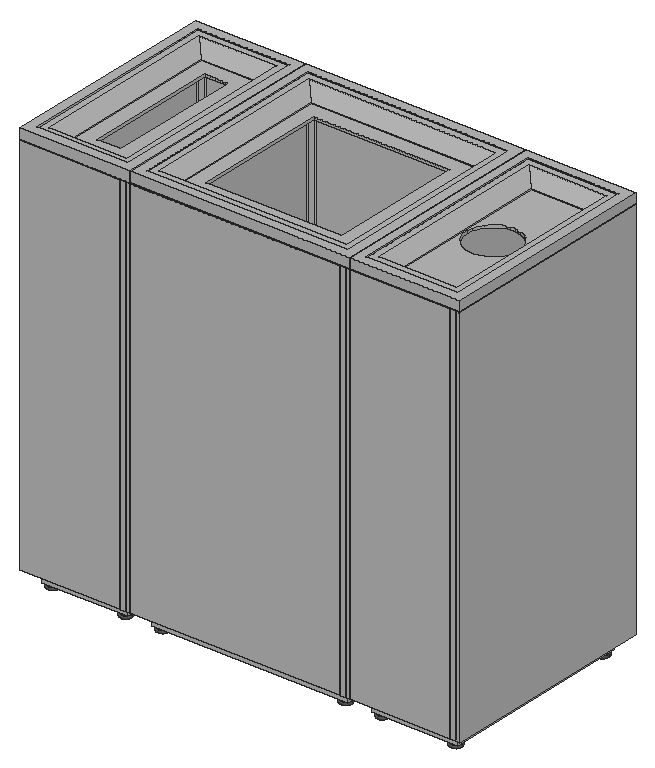
Revit family "REVIT-MG-1060-Valuta-", category Furniture, Revit 2016
Family settings
  OmniClass Number = 23.40.20.00
  OmniClass Title = General Furniture and Specialties
  Work Plane-Based = No
  Always vertical = Yes
  Cut with Voids When Loaded = No
  Shared = No
  Room Calculation Point = No
Parameters (values of type "MG-1060")
  URL = "www.magnusongroup.com"
  Type Comments = "Stand Alone"  # constant formula
  Salvage or Reuse = yes
  Percentage of Recycled Content = 0
  Model = "MG-1060"
  Manufacturer = "Magnuson Group"  # constant formula
  Low Emitting Material = yes
  Low Emitting Finish = yes
  Revit File Built By = "https://servex-us.com/servex-revit/"
  Description = "Valuta Waste Receptacle"
Reference planes (in)
  plane 1 "Center Front/Back": y = 0
  plane 2: z = 0
  plane 3 "Center Left/Right": x = 0
Dimensions and locks (in)
  aligned and locked: level to plane 2
Nested families (in)
  nested 1: "Magnuson-Valuta_1809L" at (4.5, -9, 0), type "VA1809L-Paper"
    with Sign Holder Magnetic no, Sign Holder Acrylic no
  nested 2: "Magnuson-Valuta_1818L" at (18, -9, 0), type "VA1818L-Waste"
    with Sign Holder Magnetic no, Sign Holder Acrylic no
  nested 3: "Magnuson-Valuta_1809L" at (31.5, -9, 0), type "VA1809L-Circle"
    with Sign Holder Magnetic no, Sign Holder Acrylic no
Definition of nested family "Magnuson-Valuta_1809L"
  Parameters (values of type "VA1809L-Circle")
    Width = 9"
    Waste = no
    URL = "www.magnusongroup.com"
    Type Comments = "Valuta"  # constant formula
    Top Finish = none
    Top 2 = or(Security, Security 45°)  # no
    Top 1 = not(or(Security, Security 45°))  # yes
    Support Finish = none
    Sign Holder Magnetic [instance] = no
    Sign Holder Acrylic [instance] = no
    Security 45° = no
    Security = no
    Revit File Built By = "https://servex-us.com/servex-revit/"
    Paper/Circle 45° = no
    Paper/Circle = no
    Paper 45° = no
    Paper = no
    Model = "VA1809L-Circle"
    Manufacturer = "Magnuson Group"  # constant formula
    Magnetic Finish = none
    Lock Finish = none
    Laminate = yes
    Keynote = "12500"
    Height = 33 3/4"
    Glide Finish = none
    Dist Sec = if(or(Security, Security 45°), Width - 1", 1/32")  # 1/32"
    Description = "20 gallon body waste receptacle - circle opening - internal rigid liner."
    Depth = 18"
    Cost = 0  # constant formula
    Circle = yes
    Body Finish = none
    Base Finish = none
    Assembly Code = "E2020200"
    Acrylic Finish = none
  Types (5): name | Top 2 | Top 1 | Sign Holder Magnetic | Security | Paper/Circle | Paper | Model | Laminate | Dist Sec | Description | Circle
    VA1809L-Sec | yes | no | yes | yes | no | no | "VA1809L-Sec" | yes | 8" | "20 gallon body waste receptacle - internal rigid liner - locking top with 1/2\" wide opening." | no
    VA1809L-Circle | no | yes | no | no | no | no | "VA1809L-Circle" | yes | 1/32" | "20 gallon body waste receptacle - circle opening - internal rigid liner." | yes
    VA1809L-Paper | no | yes | yes | no | no | yes | "VA1809L-Paper" | yes | 1/32" | "20 gallon body waste receptacle - paper opening - internal rigid liner." | no
    VA1809L-Paper-Circle | no | yes | yes | no | yes | no | "VA1809L-Paper-Circle" | yes | 1/32" | "20 gallon body waste receptacle - paper/circle opening - internal rigid liner." | no
    VA1809L-Waste | no | yes | yes | no | no | no | "VA1809L-Waste" | no | 1/32" | "20 gallon body waste receptacle - waste opening - internal rigid liner." | no
  Reference planes (in)
    plane 1 "Center (Front/Back)": y = 0
    plane 2: z = 0
    plane 3 "Center (Left/Right)": x = 0
    plane 4: y = -9
    plane 5: y = 9
    plane 6: x = -4.5
    plane 7: x = 4.5
    plane 8: z = 33.75
    plane 9: z = 0.3467
    plane 10: z = 1.3652
    plane 11: z = 1.4252
    plane 12: z = 19
    plane 13: y = 7.5
    plane 14: y = -7.5
    plane 15: x = -3
    plane 16: x = 3
    plane 17: z = 32.86
  Forms (in)
    Extrusion 1, solid, material <- "Body Finish"
      sketch origin (0, 0, 0) x (1, 0, 0) y (0, 1, 0)
        loop
          line (-4.5, 9) -> (-4.5, -9) -> (3.65548, -9) -> (3.72548, -8.93) -> (4.14, -8.93) -> (4.14, -8.895) -> (3.71099, -8.895) -> (3.64099, -8.965) -> (-4.465, -8.965) -> (-4.465, 8.965) -> (-3.75, 8.965) -> (-3.75, 9) -> (-4.5, 9)
        loop
          line (4.5, -9) -> (4.5, 9) -> (-3.63557, 9) -> (-3.70557, 8.93) -> (-4.14, 8.93) -> (-4.14, 8.895) -> (-3.69107, 8.895) -> (-3.62107, 8.965) -> (4.465, 8.965) -> (4.465, -8.965) -> (3.75, -8.965) -> (3.75, -9) -> (4.5, -9)
      from 1.3652 to 32.86
    Sweep 2, solid, material <- "Base Finish"
      path origin (0, 0, 0) x (1, 0, 0) y (0, 1, 0)
        loop
          line (-3.5, 8) -> (-3.5, -8) -> (3.5, -8) -> (3.5, 8) -> (-3.5, 8)
      profile origin (0, 8, 0) x (0, 1, 0) y (0, 0, 1)
        loop
          line (0, 0.3467) -> (0, 1.3652) -> (-1, 1.3652) -> (-1, 0.3467) -> (0, 0.3467)
    Extrusion 3, solid, material <- "Body Finish"
      sketch origin (0, 0, 0) x (1, 0, 0) y (0, 1, 0)
        loop
          line (-4.465, 8.965) -> (-4.465, -8.965) -> (4.465, -8.965) -> (4.465, 8.965) -> (-4.465, 8.965)
      from 1.3652 to 1.4252
    Sweep 4, solid, material <- "Top Finish"
      path origin (0, 0, 24.76772) x (1, 0, 0) y (0, 1, 0)
        loop
          line (-4.5, 9) -> (-4.5, -9) -> (4.5, -9) -> (4.5, 9) -> (-4.5, 9)
      profile origin (-4.5, 0, 24.76772) x (1, 0, 0) y (0, 0, 1)
        loop
          line (2.20362, 7.825) -> (1.30862, 8.89163) -> (0.75, 8.89163) -> (0.75, 8.98228) -> (0, 8.98228) -> (0, 8.15478) -> (0.0625, 8.09228) -> (1.71827, 8.09228) -> (2.11036, 7.625) -> (2.20362, 7.625) -> (2.20362, 7.825)
    Revolve 5, solid, material <- "Glide Finish"
      sketch origin (-7.5, 7.5, 47.24409) x (-1, 0, 0) y (0, 0, 1)
        loop
          line (-4.5, -46.62239) -> (-4.59, -46.62239) -> (-4.59, -47.08409) -> (-4.92983, -47.08409)
          arc (-4.92983, -47.08409) -> (-5.00983, -47.16409) -> (-4.92983, -47.24409) r 0.08
          line (-4.92983, -47.24409) -> (-4.5, -47.24409) -> (-4.5, -46.62239)
        axis (-4.5, -47.24409) -> (-4.5, -46.62239)
      angle from 0 to 360
    Extrusion 6, solid, material <- "Glide Finish"
      sketch origin (-0.175, 0.175, 0) x (1, 0, 0) y (0, 1, 0)
        loop
          line (-3.20347, 7.325) -> (-3.01423, 6.99724) -> (-2.63577, 6.99724) -> (-2.44653, 7.325) -> (-2.63577, 7.65276) -> (-3.01423, 7.65276) -> (-3.20347, 7.325)
      from 0.16 to 0.32
    Extrusion 7, solid, material <- "Glide Finish"
      sketch origin (14.825, 0.175, 0) x (1, 0, 0) y (0, 1, 0)
        loop
          line (-12.20347, 7.325) -> (-12.01423, 6.99724) -> (-11.63577, 6.99724) -> (-11.44653, 7.325) -> (-11.63577, 7.65276) -> (-12.01423, 7.65276) -> (-12.20347, 7.325)
      from 0.16 to 0.32
    Revolve 8, solid, material <- "Glide Finish"
      sketch origin (7.5, 7.5, 47.24409) x (-1, 0, 0) y (0, 0, 1)
        loop
          line (4.5, -46.62239) -> (4.41, -46.62239) -> (4.41, -47.08409) -> (4.07017, -47.08409)
          arc (4.07017, -47.08409) -> (3.99017, -47.16409) -> (4.07017, -47.24409) r 0.08
          line (4.07017, -47.24409) -> (4.5, -47.24409) -> (4.5, -46.62239)
        axis (4.5, -47.24409) -> (4.5, -46.62239)
      angle from 0 to 360
    Extrusion 9, solid, material <- "Glide Finish"
      sketch origin (-0.175, -14.825, 0) x (1, 0, 0) y (0, 1, 0)
        loop
          line (-3.20347, 7.325) -> (-3.01423, 6.99724) -> (-2.63577, 6.99724) -> (-2.44653, 7.325) -> (-2.63577, 7.65276) -> (-3.01423, 7.65276) -> (-3.20347, 7.325)
      from 0.16 to 0.32
    Extrusion 10, solid, material <- "Glide Finish"
      sketch origin (14.825, -14.825, 0) x (1, 0, 0) y (0, 1, 0)
        loop
          line (-12.20347, 7.325) -> (-12.01423, 6.99724) -> (-11.63577, 6.99724) -> (-11.44653, 7.325) -> (-11.63577, 7.65276) -> (-12.01423, 7.65276) -> (-12.20347, 7.325)
      from 0.16 to 0.32
    Revolve 11, solid, material <- "Glide Finish"
      sketch origin (-7.5, -7.5, 47.24409) x (-1, 0, 0) y (0, 0, 1)
        loop
          line (-4.5, -46.62239) -> (-4.59, -46.62239) -> (-4.59, -47.08409) -> (-4.92983, -47.08409)
          arc (-4.92983, -47.08409) -> (-5.00983, -47.16409) -> (-4.92983, -47.24409) r 0.08
          line (-4.92983, -47.24409) -> (-4.5, -47.24409) -> (-4.5, -46.62239)
        axis (-4.5, -47.24409) -> (-4.5, -46.62239)
      angle from 0 to 360
    Revolve 12, solid, material <- "Glide Finish"
      sketch origin (-7.5, -7.5, 47.24409) x (-1, 0, 0) y (0, 0, 1)
        loop
          line (-10.5, -46.62239) -> (-10.59, -46.62239) -> (-10.59, -47.08409) -> (-10.92983, -47.08409)
          arc (-10.92983, -47.08409) -> (-11.00983, -47.16409) -> (-10.92983, -47.24409) r 0.08
          line (-10.92983, -47.24409) -> (-10.5, -47.24409) -> (-10.5, -46.62239)
        axis (-10.5, -47.24409) -> (-10.5, -46.62239)
      angle from 0 to 360
    Extrusion 13, solid, material <- "Top Finish"
      sketch origin (0, 0, 0) x (0, 1, 0) y (0, 0, 1)
        loop
          line (-6.5, 32.49272) -> (-6.5, 32.59272) -> (-6.93456, 33.65935) -> (-7.73357, 33.65935) -> (-7.73357, 32.49272) -> (-6.5, 32.49272)
      from -4 to -3.96875
    Extrusion 14, solid, material <- "Lock Finish", visible <- "Top 2"
      sketch origin (0, 0, 0) x (1, 0, 0) y (0, 1, 0)
        loop
          circle (0, -7.59228) r 0.25
      from 33.75 to 33.8125
  Cuts and joins
    joined: Sweep 4, Extrusion 13
  Lines and regions (in)
    symbolic lines
      curve 1: line (4.5, 9, 0) -> (-4.5, 9, 0)
      curve 2: line (-4.5, -9, 0) -> (4.5, -9, 0)
      curve 3: line (3.75, 8.25, 0) -> (3.75, -8.25, 0)
      curve 4: line (3.75, -8.25, 0) -> (-3.75, -8.25, 0)
      curve 5: line (-3.75, -8.25, 0) -> (-3.75, 8.25, 0)
      curve 6: line (3.19138, 7.69138, 0) -> (-3.19138, 7.69138, 0)
      curve 7: line (-3.75, 8.25, 0) -> (3.75, 8.25, 0)
      curve 8: line (-3.19138, 7.69138, 0) -> (-3.19138, -6.93456, 0)
      curve 11: line (-2.29638, 6.79638, 0) -> (2.29638, 6.79638, 0)
      curve 13: line (2.29638, 6.79638, 0) -> (2.29638, -6.5, 0)
      curve 17: line (-3.19138, 7.69138, 0) -> (-2.29638, 6.79638, 0)
      curve 18: line (3.19138, 7.69138, 0) -> (2.29638, 6.79638, 0)
      curve 24: line (3.19138, -6.93456, 0) -> (3.19138, 7.69138, 0)
      curve 25: line (-2.29638, -6.5, 0) -> (-2.29638, 6.79638, 0)
      curve 33: line (-4.5, 9, 0) -> (-4.5, -9, 0)
      curve 34: line (4.5, -9, 0) -> (4.5, 9, 0)
    symbolic lines, visible <- "Top 1"
      curve 9: line (3.19138, -7.69138, 0) -> (3.19138, -6.93456, 0)
      curve 10: line (-3.19138, -7.69138, 0) -> (3.19138, -7.69138, 0)
      curve 12: line (-2.29638, -6.79638, 0) -> (-2.29638, -6.5, 0)
      curve 14: line (2.29638, -6.79638, 0) -> (-2.29638, -6.79638, 0)
      curve 15: line (3.19138, -7.69138, 0) -> (2.29638, -6.79638, 0)
      curve 16: line (-2.29638, -6.79638, 0) -> (-3.19138, -7.69138, 0)
      curve 23: line (-3.19138, -6.93456, 0) -> (-3.19138, -7.69138, 0)
      curve 26: line (2.29638, -6.5, 0) -> (2.29638, -6.79638, 0)
    symbolic lines, detail levels fine
      curve 19: circle (-3, 7.5, 0) r 0.50866 normal (0, 0, 1)
      curve 20: circle (3, 7.5, 0) r 0.50866 normal (0, 0, -1)
      curve 21: circle (-3, -7.5, 0) r 0.50866 normal (0, 0, -1)
      curve 22: circle (3, -7.5, 0) r 0.50866 normal (0, 0, 1)
    symbolic lines, visible <- "Top 2"
      curve 27: line (-3.19138, -6.93456, 0) -> (3.19138, -6.93456, 0)
      curve 28: line (2.29638, -6.5, 0) -> (3.19138, -6.93456, 0)
      curve 29: line (2.29638, -6.5, 0) -> (-2.29638, -6.5, 0)
      curve 30: line (-2.29638, -6.5, 0) -> (-3.19138, -6.93456, 0)
      curve 31: arc (0.25, -7.59228, 0) -> (0, -7.34228, 0) -> (-0.25, -7.59228, 0) r 0.25
      curve 32: arc (-0.25, -7.59228, 0) -> (0, -7.84228, 0) -> (0.25, -7.59228, 0) r 0.25
  Dimensions and locks (in)
    equal spacing: plane 5, plane 1 "Center (Front/Back)", plane 4
    "Depth": plane 5 to plane 4
    equal spacing: plane 6, plane 3 "Center (Left/Right)", plane 7
    "Width": plane 6 to plane 7
    "Height": plane 8 to plane 2
    locked: plane 12 to level at 19
    plane 6 to Extrusion 1 sketch curve to Extrusion 1 sketch curve to Extrusion 1 sketch curve to Extrusion 1 sketch curve to Extrusion 1 sketch curve = 0.36" locked, 0.43443" locked, 0.0145" locked, 0.0555" locked, 0.0145" locked
    plane 5 to Extrusion 1 sketch curve to Extrusion 1 sketch curve to Extrusion 1 sketch curve = 0.035" locked, 0.035" locked, 0.035" locked
    locked: Extrusion 1 sketch curve to plane 5 at 0.035
    locked: Extrusion 1 sketch curve to plane 7 at 0.035
    plane 4 to Extrusion 1 sketch curve to Extrusion 1 sketch curve to Extrusion 1 sketch curve to Extrusion 1 sketch curve = 0.035" locked, 0" locked, 0.035" locked, 0.035" locked
    plane 7 to Extrusion 1 sketch curve to Extrusion 1 sketch curve to Extrusion 1 sketch curve to Extrusion 1 sketch curve to Extrusion 1 sketch curve = 0.36" locked, 0.41452" locked, 0.0145" locked, 0.0555" locked, 0.0145" locked
    locked: plane 6 to plane 15 at 1.5
    locked: plane 16 to plane 7 at 1.5
    locked: plane 5 to plane 13 at 1.5
    locked: plane 4 to plane 14 at 1.5
    plane 15 to Revolve 5 sketch curve to Revolve 5 sketch curve = 0.09" locked, 87/256" locked
    Extrusion 6 sketch curve to Extrusion 6 sketch curve to Extrusion 6 sketch curve to plane 15 to Extrusion 6 sketch curve to Extrusion 6 sketch curve to Extrusion 6 sketch curve = 0.18923" locked, 0" locked, 0.18923" locked, 0.18923" locked, 0" locked, 0.18923" locked
    Extrusion 6 sketch curve to Extrusion 6 sketch curve to Extrusion 6 sketch curve to plane 13 to Extrusion 6 sketch curve = 0.32776" locked, 0" locked, 0" locked, 0.32776" locked
    plane 16 to Revolve 8 sketch curve to Revolve 8 sketch curve = 0.09" locked, 87/256" locked
    Extrusion 9 sketch curve to Extrusion 9 sketch curve to Extrusion 9 sketch curve to plane 15 to Extrusion 9 sketch curve to Extrusion 9 sketch curve to Extrusion 9 sketch curve = 0.18923" locked, 0" locked, 0.18923" locked, 0.18923" locked, 0" locked, 0.18923" locked
    Extrusion 9 sketch curve to Extrusion 9 sketch curve to Extrusion 9 sketch curve to plane 14 to Extrusion 9 sketch curve = 0.32776" locked, 0" locked, 0" locked, 0.32776" locked
    Extrusion 7 sketch curve to Extrusion 7 sketch curve to Extrusion 7 sketch curve to plane 13 to Extrusion 7 sketch curve = 0.32776" locked, 0" locked, 0" locked, 0.32776" locked
    Extrusion 7 sketch curve to Extrusion 7 sketch curve to Extrusion 7 sketch curve to plane 16 to Extrusion 7 sketch curve to Extrusion 7 sketch curve to Extrusion 7 sketch curve = 0.18923" locked, 0" locked, 0.18923" locked, 0.18923" locked, 0" locked, 0.18923" locked
    Extrusion 10 sketch curve to Extrusion 10 sketch curve to Extrusion 10 sketch curve to plane 14 to Extrusion 10 sketch curve = 0.32776" locked, 0" locked, 0" locked, 0.32776" locked
    Extrusion 10 sketch curve to Extrusion 10 sketch curve to Extrusion 10 sketch curve to plane 16 to Extrusion 10 sketch curve to Extrusion 10 sketch curve to Extrusion 10 sketch curve = 0.18923" locked, 0" locked, 0.18923" locked, 0.18923" locked, 0" locked, 0.18923" locked
    plane 15 to Revolve 11 sketch curve to Revolve 11 sketch curve = 0.09" locked, 87/256" locked
    plane 16 to Revolve 12 sketch curve to Revolve 12 sketch curve = 0.09" locked, 87/256" locked
    plane 8 to Sweep 4 sketch curve to Sweep 4 sketch curve to Sweep 4 sketch curve = 0.09065" locked, 1.06663" locked, 0.2" locked
    plane 11 to plane 10 to plane 9 to level = 0.06" locked, 1.0185" locked, 0.3467" locked
    locked: plane 8 to plane 17 at 0.89
    Extrusion 13 sketch curve to Extrusion 13 sketch curve to plane 14 to Extrusion 13 sketch curve = 0.43456" locked, 0.56544" locked, 0.23357" locked
    Extrusion 13 sketch curve to Extrusion 13 sketch curve to Extrusion 13 sketch curve to plane 8 = 0.1" locked, 1.06663" locked, 0.09065" locked
    locked: plane 6 to Extrusion 13 at 0.5
    "Dist Sec": Extrusion 13 to Extrusion 13
    locked: Extrusion 14 to plane 8 at 0.0625
    locked: Extrusion 14 sketch curve to plane 14 at 0.09228
    aligned and locked: level to plane 2
    aligned and locked: plane 5 to Extrusion 1 sketch curve
    aligned and locked: Extrusion 1 sketch curve to plane 6
    aligned and locked: plane 4 to Extrusion 1 sketch curve
    aligned and locked: Extrusion 1 sketch curve to plane 7
    aligned and locked: Extrusion 1 to plane 10
    aligned and locked: profile plane to Sweep 2 sketch curve
    aligned and locked: Extrusion 3 sketch curve to Extrusion 1  (x4)
    aligned and locked: Extrusion 3 to plane 10
    aligned and locked: plane 11 to Extrusion 3
    aligned and locked: Sweep 2 sketch curve to plane 9
    aligned and locked: Sweep 4 sketch curve to plane 5
    aligned and locked: plane 6 to Sweep 4 sketch curve
    aligned and locked: plane 7 to Sweep 4 sketch curve
    aligned and locked: Sweep 4 sketch curve to plane 4
    aligned and locked: plane 3 "Center (Left/Right)" to nested 1
    aligned and locked: plane 15 to Revolve 5 sketch curve
    aligned and locked: Revolve 5 sketch curve to plane 15
    aligned and locked: Revolve 8 sketch curve to plane 16
    aligned and locked: plane 16 to Revolve 8 sketch curve
    aligned and locked: plane 15 to Revolve 11 sketch curve
    aligned and locked: Revolve 11 sketch curve to plane 15
    aligned and locked: Revolve 12 sketch curve to plane 16
    aligned and locked: plane 16 to Revolve 12 sketch curve
    aligned and locked: curve 1 to Sweep 4
    aligned and locked: curve 2 to Sweep 4
    aligned and locked: curve 3 to Sweep 4
    aligned and locked: curve 4 to Sweep 4
    aligned and locked: curve 5 to Sweep 4
    aligned and locked: curve 6 to Sweep 4
    aligned and locked: curve 7 to Sweep 4
    aligned and locked: curve 8 to Sweep 4
    aligned and locked: curve 9 to Sweep 4
    aligned and locked: curve 10 to Sweep 4
    aligned and locked: curve 11 to Sweep 4
    aligned and locked: curve 12 to Sweep 4
    aligned and locked: curve 13 to Sweep 4
    aligned and locked: curve 14 to Sweep 4
    aligned and locked: curve 15 to Sweep 4
    aligned and locked: curve 16 to Sweep 4
    aligned and locked: curve 17 to Sweep 4
    aligned and locked: curve 18 to Sweep 4
    aligned and locked: plane 15 to curve 19
    aligned and locked: plane 13 to curve 19
    aligned and locked: plane 16 to curve 20
    aligned and locked: plane 13 to curve 20
    aligned and locked: plane 14 to curve 21
    aligned and locked: plane 15 to curve 21
    aligned and locked: plane 16 to curve 22
    aligned and locked: plane 14 to curve 22
    aligned and locked: plane 17 to Sweep 4 sketch curve
    aligned and locked: Extrusion 1 to plane 17
    aligned and locked: Sweep 2 sketch curve to plane 10
    aligned and locked: plane 3 "Center (Left/Right)" to nested 2
    aligned and locked: plane 8 to nested 2
    aligned and locked: plane 5 to nested 2
    aligned and locked: plane 3 "Center (Left/Right)" to Extrusion 14 sketch curve
    aligned and locked: Extrusion 14 to plane 8
    aligned and locked: curve 31 to Extrusion 14
    aligned and locked: curve 32 to Extrusion 14
    aligned and locked: curve 33 to Extrusion 1
    aligned and locked: curve 34 to Extrusion 1
  Automatic sketch dimensions
    Extrusion 1 sketch curve to plane 4 = 0"
    plane 5 to Extrusion 1 sketch curve = 0"
    Extrusion 1 sketch curve to plane 6 = 0.035"
    Extrusion 1 sketch curve to Extrusion 1 sketch curve = 0.04443"
    Extrusion 1 sketch curve to Extrusion 1 sketch curve = 0.02452"
    Sweep 2 sketch curve to plane 15 = 1/2"
    Sweep 2 sketch curve to plane 16 = 1/2"
    plane 14 to Sweep 2 sketch curve = 1/2"
    plane 13 to Sweep 2 sketch curve = 1/2"
    profile plane to Sweep 2 sketch curve = 1"
    Revolve 5 sketch curve to level = 0"
    level to Revolve 5 sketch curve = 0.08"
    plane 9 to Revolve 5 sketch curve = 0.275"
    Revolve 5 sketch curve to Revolve 5 sketch curve = 0.81571"
    plane 11 to Revolve 5 sketch curve = 0.99907"
    Revolve 8 sketch curve to level = 0"
    level to Revolve 8 sketch curve = 0.08"
    plane 9 to Revolve 8 sketch curve = 0.275"
    Revolve 8 sketch curve to Revolve 8 sketch curve = 0.81571"
    plane 11 to Revolve 8 sketch curve = 0.99907"
    Revolve 11 sketch curve to level = 0"
    Revolve 11 sketch curve to Revolve 11 sketch curve = 0.08"
    Revolve 11 sketch curve to plane 9 = 0.275"
    level to Revolve 11 sketch curve = 0.81571"
    Revolve 11 sketch curve to plane 11 = 0.99907"
    Revolve 12 sketch curve to level = 0"
    Revolve 12 sketch curve to Revolve 12 sketch curve = 0.08"
    Revolve 12 sketch curve to plane 9 = 0.275"
    level to Revolve 12 sketch curve = 0.81571"
    Revolve 12 sketch curve to plane 11 = 0.99907"
    profile plane to Sweep 4 sketch curve = 0"
    Sweep 4 sketch curve to profile plane = 3/4"
    Sweep 4 sketch curve to Sweep 4 sketch curve = 0.55862"
    Sweep 4 sketch curve to Sweep 4 sketch curve = 0.40965"
    Sweep 4 sketch curve to Sweep 4 sketch curve = 0.39209"
    Sweep 4 sketch curve to Sweep 4 sketch curve = 0.09326"
    Sweep 4 sketch curve to Sweep 4 sketch curve = 0.09065"
    Sweep 4 sketch curve to profile plane = 1/16"
    Sweep 4 sketch curve to Sweep 4 sketch curve = 1/16"
    curve 9 to plane 14 = 0.56544"
    curve 12 to curve 12 = 0.29638"
    radius of Extrusion 14 sketch curve = 1/4"
    radius of curve 19 = 0.50866"
    radius of curve 20 = 0.50866"
    radius of curve 21 = 0.50866"
    radius of curve 22 = 0.50866"
  Nested families (in)
    nested 1: "Laminate" at (0, 0, 0), Top Finish <- "Top Finish", Width <- "Width", Height <- "Height", Depth <- "Depth", Paper 45° <- "Paper 45°", Laminate <- "Laminate", Paper/Circle <- "Paper/Circle", Paper <- "Paper", Circle <- "Circle", Waste <- "Waste", Paper 45°/Circle <- "Paper/Circle 45°", Security <- "Security", Security 45° <- "Security 45°", type "Laminate"
      with Width Waste 15", Width Sec 45° 60", Width Sec 50", Width Paper 45° 40", Width Paper 30", Width Circle 0", Width 9", Waste no, W Wasted 11 1/16", Top Finish none, Security 45° no, Security no, Paper/Circle no, Paper 45°/Circle no, Paper 45° no, Paper no, P2 no, P1 no, Linea PC45° 20", Linea PC 30", Laminate yes, Height 33 3/4", Dist Waste 10", Dist Sec 45° 10", Dist Sec 10", Dist Paper 45° 10", Dist Paper 10", Dist Circle 30", Depth 18", D Wasted 11 1/16", Circle yes, C1 yes
    nested 2: "Sign Holder" at (0, 9, -6.69357), Support Finish <- "Support Finish", Sign Holder Acrylic <- "Sign Holder Acrylic", Sign Holder Magnetic <- "Sign Holder Magnetic", Acrylic Finish <- "Acrylic Finish", Magnetic Finish <- "Magnetic Finish", type "Sign Holder"
      with Support Finish none, Sign Holder Magnetic no, Sign Holder Acrylic no, Magnetic Finish none, Acrylic Finish none
  Definition of nested family "Laminate"
    Parameters (values of type "Laminate")
      Width Waste [instance] = if(Waste, 0", 15")  # 15"
      Width Sec 45° [instance] = if(Security 45°, 0", 60")  # 60"
      Width Sec [instance] = if(Security, 0", 50")  # 50"
      Width Paper 45° [instance] = if(or([Paper 45°/Circle], Paper 45°), 0", 40")  # 40"
      Width Paper [instance] = if(or([Paper/Circle], Paper), 0", 30")  # 30"
      Width Circle [instance] = if(or([Paper/Circle], [Paper 45°/Circle], Circle), 0", 25")  # 25"
      Width [instance] = 18"
      Waste [instance] = no
      W Wasted [instance] = if(and(Width = 14", Depth = 18"), 7 1/8", 11 1/16")  # 11 1/16"
      Top Finish [instance] = none
      Security 45° [instance] = no
      Security [instance] = no
      Paper 45°/Circle [instance] = no
      Paper 45° [instance] = no
      P2 [instance] = Paper  # no
      P1 [instance] = Paper 45°  # no
      Linea PC45° [instance] = if([Paper 45°/Circle], 0", 20")  # 20"
      Linea PC [instance] = if([Paper/Circle], 0", 30")  # 30"
      Laminate [instance] = no
      URL = ""
      Type Comments = ""
      Paper/Circle [instance] = no
      Paper [instance] = no
      Model = ""
      Manufacturer = ""
      Keynote = ""
      Height [instance] = 26 1/8"
      Dist Waste [instance] = if(Waste, 30", 10")  # 10"
      Dist Sec 45° [instance] = if(Security 45°, 30", 10")  # 10"
      Dist Sec [instance] = if(Security, 30", 10")  # 10"
      Dist Paper [instance] = if(or([Paper/Circle], Paper), 30", 10")  # 10"
      Dist Paper 45° [instance] = if(or([Paper 45°/Circle], Paper 45°), 30", 10")  # 10"
      Dist Circle [instance] = if(or([Paper/Circle], [Paper 45°/Circle], Circle), 30", 10")  # 10"
      Description = ""
      Depth [instance] = 18"
      D Wasted [instance] = if(and(Width = 14", Depth = 18"), 11 1/4", 11 1/16")  # 11 1/16"
      Cost = 0  # constant formula
      Circle [instance] = no
      C1 [instance] = and(Circle)  # no
      Assembly Code = ""
    Reference planes (in)
      plane 1 "Center (Front/Back)": y = 0
      plane 2: z = 0
      plane 3 "Center (Left/Right)": x = 0
      plane 4: y = -9
      plane 5: y = 9
      plane 6: x = -9
      plane 7: x = 9
      plane 8: z = 26.125
      plane 9: z = 3
      plane 10: x = 40
      plane 11: x = 30
      plane 12: x = 25
      plane 13: x = 15
      plane 14: x = -20
      plane 15: x = -30
      plane 16: x = 50
      plane 17: x = 60
    Forms (in)
      Extrusion 1, solid, material <- "Top Finish", visible <- "Laminate"
        sketch origin (0, 0, 0) x (1, 0, 0) y (0, 1, 0)
          loop
            line (-6.79638, 6.79638) -> (-6.79638, -6.79638) -> (6.79638, -6.79638) -> (6.79638, 6.79638) -> (-6.79638, 6.79638)
        from 24.76772 to 24.96772
      Extrusion 2, void
        sketch origin (0, 0, 0) x (1, 0, 0) y (0, 1, 0)
          loop
            circle (25, 0) r 2.125
        from 3 to 13
      Extrusion 3, void
        sketch origin (-27, 0, 0) x (1, 0, 0) y (0, 1, 0)
          loop
            line (61.67368, 3.91211) -> (70.91211, -5.32632) -> (72.52427, -5.52427) -> (72.32632, -3.91211) -> (63.08789, 5.32632) -> (61.47573, 5.52427) -> (61.67368, 3.91211)
        from 3 to 13
      Extrusion 4, void
        sketch origin (35, 0, 0) x (1, 0, 0) y (0, 1, 0)
          loop
            line (-6, 5.5) -> (-6, -5.5) -> (-4, -5.5) -> (-4, 5.5) -> (-6, 5.5)
        from 3 to 13
      Extrusion 5, void
        sketch origin (26, 0, 0) x (1, 0, 0) y (0, 1, 0)
          loop
            line (-16.53125, 5.53125) -> (-16.53125, -5.53125) -> (-5.46875, -5.53125) -> (-5.46875, 5.53125) -> (-16.53125, 5.53125)
        from 3 to 13
      Extrusion 6, void
        sketch origin (0, 0, 0) x (1, 0, 0) y (0, 1, 0)
          loop
            line (49.75, 5.5) -> (49.75, -5.5) -> (50.25, -5.5) -> (50.25, 5.5) -> (49.75, 5.5)
        from 3 to 13
      Extrusion 7, void
        sketch origin (0, 0, 0) x (1, 0, 0) y (0, 1, 0)
          loop
            line (54.86697, 4.77658) -> (64.7663, -5.12275) -> (65.13305, -5.13374) -> (65.12207, -4.76699) -> (55.22342, 5.13303) -> (54.86697, 5.13303) -> (54.86697, 4.77658)
        from 3 to 13
    Cuts and joins
      Extrusion 2, Extrusion 3, Extrusion 4, Extrusion 5, Extrusion 6, Extrusion 7 cuts Extrusion 1
    Lines and regions (in)
      symbolic lines, visible <- "Laminate"
        curve 1: line (6.79638, 6.79638, 0) -> (-6.79638, 6.79638, 0)
        curve 2: line (-6.79638, 6.79638, 0) -> (-6.79638, -6.79638, 0)
        curve 3: line (-6.79638, -6.79638, 0) -> (6.79638, -6.79638, 0)
        curve 4: line (6.79638, -6.79638, 0) -> (6.79638, 6.79638, 0)
      symbolic lines, visible <- "Paper 45°/Circle"
        curve 5: line (-25.52427, 5.52427, 0) -> (-25.32632, 3.91211, 0)
        curve 6: line (-25.32632, 3.91211, 0) -> (-22.03293, 0.61872, 0)
        curve 7: line (-23.91211, 5.32632, 0) -> (-25.52427, 5.52427, 0)
        curve 8: line (-14.67368, -3.91211, 0) -> (-17.96707, -0.61872, 0)
        curve 9: arc (-22.03293, 0.61872, 0) -> (-21.5026, -1.5026, 0) -> (-19.38128, -2.03293, 0) r 2.125
        curve 10: arc (-17.96707, -0.61872, 0) -> (-18.4974, 1.5026, 0) -> (-20.61872, 2.03293, 0) r 2.125
        curve 11: line (-16.08789, -5.32632, 0) -> (-14.47573, -5.52427, 0)
        curve 12: line (-14.47573, -5.52427, 0) -> (-14.67368, -3.91211, 0)
        curve 13: line (-19.38128, -2.03293, 0) -> (-16.08789, -5.32632, 0)
        curve 14: line (-20.61872, 2.03293, 0) -> (-23.91211, 5.32632, 0)
      symbolic lines, visible <- "Paper/Circle"
        curve 15: line (-31, 1.875, 0) -> (-31, 5.5, 0)
        curve 16: line (-31, 5.5, 0) -> (-29, 5.5, 0)
        curve 17: line (-29, 5.5, 0) -> (-29, 1.875, 0)
        curve 18: line (-29, -1.875, 0) -> (-29, -5.5, 0)
        curve 19: line (-29, -5.5, 0) -> (-31, -5.5, 0)
        curve 20: line (-31, -5.5, 0) -> (-31, -1.875, 0)
        curve 21: arc (-29, 1.875, 0) -> (-27.875, 0, 0) -> (-29, -1.875, 0) r 2.125
        curve 22: arc (-31, 1.875, 0) -> (-32.125, 0, 0) -> (-31, -1.875, 0) r 2.125
      symbolic lines, visible <- "C1"
        curve 23: arc (27.125, 0, 0) -> (25, 2.125, 0) -> (22.875, 0, 0) r 2.125
        curve 24: arc (22.875, 0, 0) -> (25, -2.125, 0) -> (27.125, 0, 0) r 2.125
      symbolic lines, visible <- "P2"
        curve 25: line (29, 5.5, 0) -> (29, -5.5, 0)
        curve 26: line (31, -5.5, 0) -> (31, 5.5, 0)
        curve 27: line (31, 5.5, 0) -> (29, 5.5, 0)
        curve 28: line (29, -5.5, 0) -> (31, -5.5, 0)
      symbolic lines, visible <- "P1"
        curve 29: line (34.67368, 3.91211, 0) -> (43.91211, -5.32632, 0)
        curve 30: line (43.91211, -5.32632, 0) -> (45.52427, -5.52427, 0)
        curve 31: line (45.52427, -5.52427, 0) -> (45.32632, -3.91211, 0)
        curve 32: line (45.32632, -3.91211, 0) -> (36.08789, 5.32632, 0)
        curve 33: line (36.08789, 5.32632, 0) -> (34.47573, 5.52427, 0)
        curve 34: line (34.47573, 5.52427, 0) -> (34.67368, 3.91211, 0)
      symbolic lines, visible <- "Waste"
        curve 35: line (20.53125, 5.53125, 0) -> (9.46875, 5.53125, 0)
        curve 36: line (9.46875, 5.53125, 0) -> (9.46875, -5.53125, 0)
        curve 37: line (20.53125, -5.53125, 0) -> (20.53125, 5.53125, 0)
        curve 38: line (9.46875, -5.53125, 0) -> (20.53125, -5.53125, 0)
      symbolic lines, visible <- "Security"
        curve 39: line (49.75, 5.5, 0) -> (49.75, -5.5, 0)
        curve 40: line (50.25, 5.5, 0) -> (49.75, 5.5, 0)
        curve 41: line (50.25, -5.5, 0) -> (50.25, 5.5, 0)
        curve 42: line (49.75, -5.5, 0) -> (50.25, -5.5, 0)
      symbolic lines, visible <- "Security 45°"
        curve 43: line (54.86697, 4.77658, 0) -> (64.7663, -5.12275, 0)
        curve 44: line (64.7663, -5.12275, 0) -> (65.13305, -5.13374, 0)
        curve 45: line (65.13305, -5.13374, 0) -> (65.12207, -4.76699, 0)
        curve 46: line (65.12207, -4.76699, 0) -> (55.22342, 5.13303, 0)
        curve 47: line (54.86697, 5.13303, 0) -> (54.86697, 4.77658, 0)
        curve 48: line (55.22342, 5.13303, 0) -> (54.86697, 5.13303, 0)
    Dimensions and locks (in)
      equal spacing: plane 5, plane 1 "Center (Front/Back)", plane 4
      "Depth": plane 5 to plane 4
      equal spacing: plane 6, plane 3 "Center (Left/Right)", plane 7
      "Width": plane 6 to plane 7
      "Height": plane 8 to plane 2
      plane 8 to Extrusion 1 to Extrusion 1 = 1.15728" locked, 0.2" locked
      locked: Extrusion 1 sketch curve to plane 5 at 2.20362
      locked: Extrusion 1 sketch curve to plane 7 at 2.20362
      locked: plane 6 to Extrusion 1 sketch curve at 2.20362
      locked: Extrusion 1 sketch curve to plane 4 at 2.20362
      plane 9 to level = 3"
      "Dist Circle": Extrusion 2 to plane 9
      "Dist Paper 45°": Extrusion 3 to plane 9
      "Dist Paper": Extrusion 4 to plane 9
      "Dist Waste": Extrusion 5 to plane 9
      Extrusion 3 sketch curve to Extrusion 3 sketch curve to Extrusion 3 sketch curve to plane 10 to Extrusion 3 sketch curve to Extrusion 3 sketch curve to Extrusion 3 sketch curve = 0.19795" locked, 1.41421" locked, 3.91211" locked, 3.91211" locked, 1.41421" locked, 0.19795" locked
      equal spacing: Extrusion 4 sketch curve, plane 1 "Center (Front/Back)", Extrusion 4 sketch curve, locked at 5.5 each
      equal spacing: Extrusion 4 sketch curve, plane 11, Extrusion 4 sketch curve, locked at 1 each
      "Width Paper": plane 3 "Center (Left/Right)" to plane 11
      "Width Circle": plane 3 "Center (Left/Right)" to plane 12
      equal spacing: Extrusion 5 sketch curve, plane 13, Extrusion 5 sketch curve
      "W Wasted": Extrusion 5 sketch curve to Extrusion 5 sketch curve
      equal spacing: Extrusion 5 sketch curve, plane 1 "Center (Front/Back)", Extrusion 5 sketch curve
      "D Wasted": Extrusion 5 sketch curve to Extrusion 5 sketch curve
      "Width Waste": plane 3 "Center (Left/Right)" to plane 13
      "Width Paper 45°": plane 3 "Center (Left/Right)" to plane 10
      curve 7 to curve 6 to curve 14 to curve 9 to curve 14 to plane 14 = 0.19795" locked, 1.41421" locked, 1.87918" locked, 1.41421" locked, 0.61872" locked
      plane 14 to curve 13 to curve 10 to curve 13 to curve 12 to curve 12 = 0.61872" locked, 1.41421" locked, 1.87918" locked, 1.41421" locked, 0.19795" locked
      "Linea PC45°": plane 14 to plane 3 "Center (Left/Right)"
      "Linea PC": plane 15 to plane 3 "Center (Left/Right)"
      equal spacing: curve 15, plane 15, curve 17
      equal spacing: curve 20, plane 15, curve 18
      equal spacing: Extrusion 6 sketch curve, plane 16, Extrusion 6 sketch curve, locked at 0.25 each
      Extrusion 6 sketch curve to plane 1 "Center (Front/Back)" to Extrusion 6 sketch curve = 5 1/2" locked, 5 1/2" locked
      "Dist Sec": Extrusion 6 to plane 9
      "Width Sec": plane 3 "Center (Left/Right)" to plane 16
      Extrusion 7 sketch curve to Extrusion 7 sketch curve to Extrusion 7 sketch curve to plane 17 to Extrusion 7 sketch curve to Extrusion 7 sketch curve to Extrusion 7 sketch curve = 0.01098" locked, 0.35576" locked, 4.7663" locked, 4.77658" locked, 0.35645" locked, 0" locked
      Extrusion 7 sketch curve to Extrusion 7 sketch curve to Extrusion 7 sketch curve to plane 1 "Center (Front/Back)" to Extrusion 7 sketch curve to Extrusion 7 sketch curve to Extrusion 7 sketch curve = 0.01098" locked, 0.35576" locked, 4.76699" locked, 4.77658" locked, 0.35645" locked, 0" locked
      "Dist Sec 45°": Extrusion 7 to plane 9
      "Width Sec 45°": plane 3 "Center (Left/Right)" to plane 17
      aligned and locked: level to plane 2
      aligned and locked: Extrusion 2 to plane 9
      aligned and locked: Extrusion 3 to plane 9
      aligned and locked: Extrusion 4 to plane 9
      aligned and locked: Extrusion 5 to plane 9
      aligned and locked: plane 12 to Extrusion 2 sketch curve
      aligned and locked: plane 1 "Center (Front/Back)" to Extrusion 2 sketch curve
      aligned and locked: curve 1 to cut or joined group of Extrusion 1, Extrusion 2, Extrusion 3, Extrusion 4, Extrusion 5, Extrusion 6, Extrusion 7
      aligned and locked: curve 2 to cut or joined group of Extrusion 1, Extrusion 2, Extrusion 3, Extrusion 4, Extrusion 5, Extrusion 6, Extrusion 7
      aligned and locked: curve 3 to cut or joined group of Extrusion 1, Extrusion 2, Extrusion 3, Extrusion 4, Extrusion 5, Extrusion 6, Extrusion 7
      aligned and locked: curve 4 to cut or joined group of Extrusion 1, Extrusion 2, Extrusion 3, Extrusion 4, Extrusion 5, Extrusion 6, Extrusion 7
      aligned and locked: plane 14 to curve 10
      aligned and locked: plane 1 "Center (Front/Back)" to curve 10
      aligned and locked: plane 14 to curve 9
      aligned and locked: plane 1 "Center (Front/Back)" to curve 9
      aligned and locked: plane 15 to curve 21
      aligned and locked: plane 1 "Center (Front/Back)" to curve 21
      aligned and locked: plane 15 to curve 22
      aligned and locked: plane 1 "Center (Front/Back)" to curve 22
      aligned and locked: curve 23 to Extrusion 2
      aligned and locked: curve 24 to Extrusion 2
      aligned and locked: curve 25 to Extrusion 4
      aligned and locked: curve 26 to Extrusion 4
      aligned and locked: curve 29 to Extrusion 3
      aligned and locked: curve 30 to Extrusion 3
      aligned and locked: curve 31 to Extrusion 3
      aligned and locked: curve 32 to Extrusion 3
      aligned and locked: curve 33 to Extrusion 3
      aligned and locked: curve 34 to Extrusion 3
      aligned and locked: curve 35 to Extrusion 5
      aligned and locked: curve 36 to Extrusion 5
      aligned and locked: curve 37 to Extrusion 5
      aligned and locked: curve 38 to Extrusion 5
      aligned and locked: curve 27 to Extrusion 4
      aligned and locked: curve 28 to Extrusion 4
      aligned and locked: Extrusion 6 to plane 9
      aligned and locked: curve 39 to Extrusion 6
      aligned and locked: curve 40 to Extrusion 6
      aligned and locked: curve 41 to Extrusion 6
      aligned and locked: curve 42 to Extrusion 6
      aligned and locked: Extrusion 7 to plane 9
      aligned and locked: curve 43 to Extrusion 7
      aligned and locked: curve 44 to Extrusion 7
      aligned and locked: curve 45 to Extrusion 7
      aligned and locked: curve 46 to Extrusion 7
      aligned and locked: curve 47 to Extrusion 7
      aligned and locked: curve 48 to Extrusion 7
    Automatic sketch dimensions
      plane 4 to Extrusion 3 sketch curve = 3.47573"
      Extrusion 3 sketch curve to Extrusion 3 sketch curve = 0.19795"  (x2)
      Extrusion 3 sketch curve to Extrusion 3 sketch curve = 1.61216"
      Extrusion 3 sketch curve to plane 1 "Center (Front/Back)" = 3.91211"
      Extrusion 3 sketch curve to Extrusion 3 sketch curve = 1.41421"
      plane 4 to Extrusion 4 sketch curve = 3 1/2"
      plane 11 to Extrusion 4 sketch curve = 1"
      plane 4 to curve 19 = 3 1/2"
      plane 4 to curve 12 = 3.47573"
      curve 11 to curve 11 = 0.19795"
      curve 11 to curve 8 = 1.61216"
      plane 1 "Center (Front/Back)" to curve 13 = 2.03293"
      plane 1 "Center (Front/Back)" to curve 18 = 1 7/8"
      plane 1 "Center (Front/Back)" to curve 20 = 1 7/8"
      plane 1 "Center (Front/Back)" to curve 8 = 0.61872"
      curve 6 to plane 1 "Center (Front/Back)" = 3.91211"
      curve 5 to curve 7 = 1.41421"
      curve 5 to curve 7 = 1.61216"
      plane 5 to curve 16 = 3 1/2"
      plane 15 to curve 15 = 1"
      plane 15 to curve 19 = 1"
      Extrusion 6 sketch curve to plane 16 = 1/4"
      radius of Extrusion 2 sketch curve = 2 1/8"
  Definition of nested family "Sign Holder"
    Parameters (values of type "Sign Holder")
      Support Finish [instance] = none
      Sign Holder Magnetic [instance] = yes
      Sign Holder Acrylic [instance] = yes
      Magnetic Finish [instance] = none
      Acrylic Finish [instance] = none
    Reference planes (in)
      plane 1 "Center (Front/Back)": y = 0
      plane 2: z = 0
      plane 3 "Center (Left/Right)": x = 0
      plane 4: x = -4.34375
      plane 5: x = 4.34375
      plane 6: y = 3.01425
      plane 7: z = 40.44357
      plane 8: z = 30.38104
      plane 9: z = 51.63018
    Forms (in)
      Extrusion 1, solid, material <- "Support Finish", visible <- "Sign Holder Acrylic"
        sketch origin (0, 0, 0) x (0, 1, 0) y (0, 0, 1)
          loop
            line (0, 30.38104) -> (0.11434, 30.38104) -> (0.11434, 40.41393) -> (3.01425, 51.60054) -> (2.8999, 51.63018) -> (0, 40.44357) -> (0, 30.38104)
        from -4.34375 to 4.34375
      Extrusion 2, solid, material <- "Acrylic Finish", visible <- "Sign Holder Acrylic"
        sketch origin (0, 0, 0) x (0, 1, 0) y (0, 0, 1)
          loop
            line (-0.07089, 40.484) -> (0.00535, 40.46423) -> (2.89111, 51.59628) -> (2.81487, 51.61604) -> (-0.07089, 40.484)
        from -4.31158 to 4.30579
      Extrusion 3, solid, material <- "Support Finish", visible <- "Sign Holder Magnetic"
        sketch origin (0, 0, 0) x (0, 1, 0) y (0, 0, 1)
          loop
            line (0, 30.38104) -> (0.11434, 30.38104) -> (0.11434, 40.41393) -> (3.01425, 51.60054) -> (2.8999, 51.63018) -> (0, 40.44357) -> (0, 30.38104)
        from -4.34375 to 4.34375
      Extrusion 4, solid, material <- "Magnetic Finish", visible <- "Sign Holder Magnetic"
        sketch origin (0, 0, 0) x (0, 1, 0) y (0, 0, 1)
          loop
            line (-0.02562, 40.47226) -> (0.00535, 40.46423) -> (2.89111, 51.59628) -> (2.86014, 51.60431) -> (-0.02562, 40.47226)
        from -4.31158 to 4.30579
    Lines and regions (in)
      symbolic lines, visible <- "Sign Holder Acrylic"
        curve 1: line (-4.31158, -0.07089, 0) -> (4.30579, -0.07089, 0)
        curve 2: line (-4.31158, 2.89111, 0) -> (-4.31158, -0.07089, 0)
        curve 3: line (4.30579, 2.89111, 0) -> (-4.31158, 2.89111, 0)
        curve 4: line (4.30579, -0.07089, 0) -> (4.30579, 2.89111, 0)
        curve 5: line (4.30579, 2.81487, 0) -> (-4.31158, 2.81487, 0)
        curve 6: line (-4.34375, 3.01425, 0) -> (4.34375, 3.01425, 0)
        curve 7: line (4.34375, 3.01425, 0) -> (4.34375, 0, 0)
        curve 8: line (4.34375, 0, 0) -> (4.30579, 0, 0)
        curve 9: line (-4.34375, 0, 0) -> (-4.34375, 3.01425, 0)
        curve 10: line (-4.34375, 0, 0) -> (-4.31158, 0, 0)
        curve 11: line (-4.34375, 2.8999, 0) -> (4.34375, 2.8999, 0)
      symbolic lines, visible <- "Sign Holder Magnetic"
        curve 12: line (-4.34375, 3.01425, 0) -> (4.34375, 3.01425, 0)
        curve 13: line (4.34375, 3.01425, 0) -> (4.34375, 0, 0)
        curve 14: line (4.34375, 0, 0) -> (4.30579, 0, 0)
        curve 15: line (-4.34375, 0, 0) -> (-4.34375, 3.01425, 0)
        curve 16: line (-4.34375, 0, 0) -> (-4.31158, 0, 0)
        curve 17: line (-4.34375, 2.8999, 0) -> (4.34375, 2.8999, 0)
        curve 18: line (4.30579, 2.86014, 0) -> (-4.31158, 2.86014, 0)
        curve 19: line (-4.31158, 2.89111, 0) -> (4.30579, 2.89111, 0)
        curve 20: line (-4.31158, 2.89111, 0) -> (-4.31158, -0.02562, 0)
        curve 21: line (4.30579, -0.02562, 0) -> (4.30579, 2.89111, 0)
        curve 22: line (-4.31158, -0.02562, 0) -> (4.30579, -0.02562, 0)
    Dimensions and locks (in)
      aligned and locked: plane 2 to level
      aligned and locked: Extrusion 1 to plane 4
      aligned and locked: Extrusion 1 to plane 5
      aligned and locked: curve 18 to Extrusion 4
      aligned and locked: curve 19 to Extrusion 4
      aligned and locked: curve 20 to Extrusion 4
      aligned and locked: curve 21 to Extrusion 4
      aligned and locked: curve 22 to Extrusion 4
Definition of nested family "Magnuson-Valuta_1818L"
  Parameters (values of type "VA1818L-Circle")
    Width = 18"
    Waste = no
    URL = "www.magnusongroup.com"
    Type Comments = "Valuta"  # constant formula
    Top Finish = none
    Top 2 = or(Security, Security 45°)  # no
    Top 1 = not(or(Security, Security 45°))  # yes
    Support Finish = none
    Sign Holder Magnetic [instance] = no
    Sign Holder Acrylic [instance] = no
    Security 45° = no
    Security = no
    Revit File Built By = "https://servex-us.com/servex-revit/"
    Paper/Circle 45° = no
    Paper/Circle = no
    Paper 45° = no
    Paper = no
    Model = "VA1818L-Circle"
    Manufacturer = "Magnuson Group"  # constant formula
    Magnetic Finish = none
    Lock Finish = none
    Laminate = yes
    Keynote = "12500"
    Height = 33 3/4"
    Glide Finish = none
    Dist Sec = if(or(Security, Security 45°), Width - 1", 1/32")  # 1/32"
    Description = "40 gallon body waste receptacle - circle opening - internal rigid liner."
    Depth = 18"
    Cost = 0  # constant formula
    Circle = yes
    Body Finish = none
    Base Finish = none
    Assembly Code = "E2020200"
    Acrylic Finish = none
  Types (5): name | Waste | Top 2 | Top 1 | Security 45° | Paper/Circle 45° | Paper 45° | Model | Dist Sec | Description | Circle
    VA1818L-Sec | no | yes | no | yes | no | no | "VA1818L-Sec" | 17" | "40 gallon body waste receptacle - internal rigid liner - locking top with 1/2\" wide opening." | no
    VA1818L-Circle | no | no | yes | no | no | no | "VA1818L-Circle" | 1/32" | "40 gallon body waste receptacle - circle opening - internal rigid liner." | yes
    VA1818L-Paper | no | no | yes | no | no | yes | "VA1818L-Paper" | 1/32" | "40 gallon body waste receptacle - paper opening - internal rigid liner." | no
    VA1818L-Paper-Circle | no | no | yes | no | yes | no | "VA1818L-Paper-Circle" | 1/32" | "40 gallon body waste receptacle - paper/circle opening - internal rigid liner." | no
    VA1818L-Waste | yes | no | yes | no | no | no | "VA1818L-Waste" | 1/32" | "40 gallon body waste receptacle - waste opening - internal rigid liner." | no
  Reference planes (in)
    plane 1 "Center (Front/Back)": y = 0
    plane 2: z = 0
    plane 3 "Center (Left/Right)": x = 0
    plane 4: y = -9
    plane 5: y = 9
    plane 6: x = -9
    plane 7: x = 9
    plane 8: z = 33.75
    plane 9: z = 0.3467
    plane 10: z = 1.3652
    plane 11: z = 1.4252
    plane 12: z = 19
    plane 13: y = 7.5
    plane 14: y = -7.5
    plane 15: x = -7.5
    plane 16: x = 7.5
    plane 17: z = 32.86
  Forms (in)
    Extrusion 1, solid, material <- "Body Finish"
      sketch origin (0, 0, 0) x (1, 0, 0) y (0, 1, 0)
        loop
          line (-9, 9) -> (-9, -9) -> (8.15548, -9) -> (8.22548, -8.93) -> (8.64, -8.93) -> (8.64, -8.895) -> (8.21099, -8.895) -> (8.14099, -8.965) -> (-8.965, -8.965) -> (-8.965, 8.965) -> (-8.25, 8.965) -> (-8.25, 9) -> (-9, 9)
        loop
          line (9, -9) -> (9, 9) -> (-8.13557, 9) -> (-8.20557, 8.93) -> (-8.64, 8.93) -> (-8.64, 8.895) -> (-8.19107, 8.895) -> (-8.12107, 8.965) -> (8.965, 8.965) -> (8.965, -8.965) -> (8.25, -8.965) -> (8.25, -9) -> (9, -9)
      from 1.3652 to 32.86
    Sweep 2, solid, material <- "Base Finish"
      path origin (0, 0, 0) x (1, 0, 0) y (0, 1, 0)
        loop
          line (-8, 8) -> (-8, -8) -> (8, -8) -> (8, 8) -> (-8, 8)
      profile origin (0, 8, 0) x (0, 1, 0) y (0, 0, 1)
        loop
          line (0, 0.3467) -> (0, 1.3652) -> (-1, 1.3652) -> (-1, 0.3467) -> (0, 0.3467)
    Extrusion 3, solid, material <- "Body Finish"
      sketch origin (0, 0, 0) x (1, 0, 0) y (0, 1, 0)
        loop
          line (-8.965, 8.965) -> (-8.965, -8.965) -> (8.965, -8.965) -> (8.965, 8.965) -> (-8.965, 8.965)
      from 1.3652 to 1.4252
    Sweep 4, solid, material <- "Top Finish"
      path origin (0, 0, 24.76772) x (1, 0, 0) y (0, 1, 0)
        loop
          line (-9, 9) -> (-9, -9) -> (9, -9) -> (9, 9) -> (-9, 9)
      profile origin (-9, 0, 24.76772) x (1, 0, 0) y (0, 0, 1)
        loop
          line (2.20362, 7.825) -> (1.30862, 8.89163) -> (0.75, 8.89163) -> (0.75, 8.98228) -> (0, 8.98228) -> (0, 8.15478) -> (0.0625, 8.09228) -> (1.71827, 8.09228) -> (2.11036, 7.625) -> (2.20362, 7.625) -> (2.20362, 7.825)
    Revolve 5, solid, material <- "Glide Finish"
      sketch origin (-7.5, 7.5, 47.24409) x (-1, 0, 0) y (0, 0, 1)
        loop
          line (0, -46.62239) -> (-0.09, -46.62239) -> (-0.09, -47.08409) -> (-0.42983, -47.08409)
          arc (-0.42983, -47.08409) -> (-0.50983, -47.16409) -> (-0.42983, -47.24409) r 0.08
          line (-0.42983, -47.24409) -> (0, -47.24409) -> (0, -46.62239)
        axis (0, -47.24409) -> (0, -46.62239)
      angle from 0 to 360
    Extrusion 6, solid, material <- "Glide Finish"
      sketch origin (-0.175, 0.175, 0) x (1, 0, 0) y (0, 1, 0)
        loop
          line (-7.70347, 7.325) -> (-7.51423, 6.99724) -> (-7.13577, 6.99724) -> (-6.94653, 7.325) -> (-7.13577, 7.65276) -> (-7.51423, 7.65276) -> (-7.70347, 7.325)
      from 0.16 to 0.32
    Extrusion 7, solid, material <- "Glide Finish"
      sketch origin (14.825, 0.175, 0) x (1, 0, 0) y (0, 1, 0)
        loop
          line (-7.70347, 7.325) -> (-7.51423, 6.99724) -> (-7.13577, 6.99724) -> (-6.94653, 7.325) -> (-7.13577, 7.65276) -> (-7.51423, 7.65276) -> (-7.70347, 7.325)
      from 0.16 to 0.32
    Revolve 8, solid, material <- "Glide Finish"
      sketch origin (7.5, 7.5, 47.24409) x (-1, 0, 0) y (0, 0, 1)
        loop
          line (0, -46.62239) -> (-0.09, -46.62239) -> (-0.09, -47.08409) -> (-0.42983, -47.08409)
          arc (-0.42983, -47.08409) -> (-0.50983, -47.16409) -> (-0.42983, -47.24409) r 0.08
          line (-0.42983, -47.24409) -> (0, -47.24409) -> (0, -46.62239)
        axis (0, -47.24409) -> (0, -46.62239)
      angle from 0 to 360
    Extrusion 9, solid, material <- "Glide Finish"
      sketch origin (-0.175, -14.825, 0) x (1, 0, 0) y (0, 1, 0)
        loop
          line (-7.70347, 7.325) -> (-7.51423, 6.99724) -> (-7.13577, 6.99724) -> (-6.94653, 7.325) -> (-7.13577, 7.65276) -> (-7.51423, 7.65276) -> (-7.70347, 7.325)
      from 0.16 to 0.32
    Extrusion 10, solid, material <- "Glide Finish"
      sketch origin (14.825, -14.825, 0) x (1, 0, 0) y (0, 1, 0)
        loop
          line (-7.70347, 7.325) -> (-7.51423, 6.99724) -> (-7.13577, 6.99724) -> (-6.94653, 7.325) -> (-7.13577, 7.65276) -> (-7.51423, 7.65276) -> (-7.70347, 7.325)
      from 0.16 to 0.32
    Revolve 11, solid, material <- "Glide Finish"
      sketch origin (-7.5, -7.5, 47.24409) x (-1, 0, 0) y (0, 0, 1)
        loop
          line (0, -46.62239) -> (-0.09, -46.62239) -> (-0.09, -47.08409) -> (-0.42983, -47.08409)
          arc (-0.42983, -47.08409) -> (-0.50983, -47.16409) -> (-0.42983, -47.24409) r 0.08
          line (-0.42983, -47.24409) -> (0, -47.24409) -> (0, -46.62239)
        axis (0, -47.24409) -> (0, -46.62239)
      angle from 0 to 360
    Revolve 12, solid, material <- "Glide Finish"
      sketch origin (-7.5, -7.5, 47.24409) x (-1, 0, 0) y (0, 0, 1)
        loop
          line (-15, -46.62239) -> (-15.09, -46.62239) -> (-15.09, -47.08409) -> (-15.42983, -47.08409)
          arc (-15.42983, -47.08409) -> (-15.50983, -47.16409) -> (-15.42983, -47.24409) r 0.08
          line (-15.42983, -47.24409) -> (-15, -47.24409) -> (-15, -46.62239)
        axis (-15, -47.24409) -> (-15, -46.62239)
      angle from 0 to 360
    Extrusion 13, solid, material <- "Top Finish"
      sketch origin (0, 0, 0) x (0, 1, 0) y (0, 0, 1)
        loop
          line (-6.5, 32.49272) -> (-6.5, 32.59272) -> (-6.93456, 33.65935) -> (-7.73357, 33.65935) -> (-7.73357, 32.49272) -> (-6.5, 32.49272)
      from -8.5 to -8.46875
    Extrusion 14, solid, material <- "Lock Finish", visible <- "Top 2"
      sketch origin (0, 0, 0) x (1, 0, 0) y (0, 1, 0)
        loop
          circle (0, -7.59228) r 0.25
      from 33.75 to 33.8125
  Cuts and joins
    joined: Sweep 4, Extrusion 13
  Lines and regions (in)
    symbolic lines
      curve 1: line (9, 9, 0) -> (-9, 9, 0)
      curve 2: line (-9, -9, 0) -> (9, -9, 0)
      curve 3: line (8.25, 8.25, 0) -> (8.25, -8.25, 0)
      curve 4: line (8.25, -8.25, 0) -> (-8.25, -8.25, 0)
      curve 5: line (-8.25, -8.25, 0) -> (-8.25, 8.25, 0)
      curve 6: line (7.69138, 7.69138, 0) -> (-7.69138, 7.69138, 0)
      curve 7: line (-8.25, 8.25, 0) -> (8.25, 8.25, 0)
      curve 8: line (-7.69138, 7.69138, 0) -> (-7.69138, -6.93456, 0)
      curve 11: line (-6.79638, 6.79638, 0) -> (6.79638, 6.79638, 0)
      curve 13: line (6.79638, 6.79638, 0) -> (6.79638, -6.5, 0)
      curve 17: line (-7.69138, 7.69138, 0) -> (-6.79638, 6.79638, 0)
      curve 18: line (7.69138, 7.69138, 0) -> (6.79638, 6.79638, 0)
      curve 24: line (7.69138, -6.93456, 0) -> (7.69138, 7.69138, 0)
      curve 25: line (-6.79638, -6.5, 0) -> (-6.79638, 6.79638, 0)
      curve 33: line (-9, 9, 0) -> (-9, -9, 0)
      curve 34: line (9, -9, 0) -> (9, 9, 0)
    symbolic lines, visible <- "Top 1"
      curve 9: line (7.69138, -7.69138, 0) -> (7.69138, -6.93456, 0)
      curve 10: line (-7.69138, -7.69138, 0) -> (7.69138, -7.69138, 0)
      curve 12: line (-6.79638, -6.79638, 0) -> (-6.79638, -6.5, 0)
      curve 14: line (6.79638, -6.79638, 0) -> (-6.79638, -6.79638, 0)
      curve 15: line (7.69138, -7.69138, 0) -> (6.79638, -6.79638, 0)
      curve 16: line (-6.79638, -6.79638, 0) -> (-7.69138, -7.69138, 0)
      curve 23: line (-7.69138, -6.93456, 0) -> (-7.69138, -7.69138, 0)
      curve 26: line (6.79638, -6.5, 0) -> (6.79638, -6.79638, 0)
    symbolic lines, detail levels fine
      curve 19: circle (-7.5, 7.5, 0) r 0.50866 normal (0, 0, 1)
      curve 20: circle (7.5, 7.5, 0) r 0.50866 normal (0, 0, -1)
      curve 21: circle (-7.5, -7.5, 0) r 0.50866 normal (0, 0, -1)
      curve 22: circle (7.5, -7.5, 0) r 0.50866 normal (0, 0, 1)
    symbolic lines, visible <- "Top 2"
      curve 27: line (-7.69138, -6.93456, 0) -> (7.69138, -6.93456, 0)
      curve 28: line (6.79638, -6.5, 0) -> (7.69138, -6.93456, 0)
      curve 29: line (6.79638, -6.5, 0) -> (-6.79638, -6.5, 0)
      curve 30: line (-6.79638, -6.5, 0) -> (-7.69138, -6.93456, 0)
      curve 31: arc (0.25, -7.59228, 0) -> (0, -7.34228, 0) -> (-0.25, -7.59228, 0) r 0.25
      curve 32: arc (-0.25, -7.59228, 0) -> (0, -7.84228, 0) -> (0.25, -7.59228, 0) r 0.25
  Dimensions and locks (in)
    equal spacing: plane 5, plane 1 "Center (Front/Back)", plane 4
    "Depth": plane 5 to plane 4
    equal spacing: plane 6, plane 3 "Center (Left/Right)", plane 7
    "Width": plane 6 to plane 7
    "Height": plane 8 to plane 2
    locked: plane 12 to level at 19
    plane 6 to Extrusion 1 sketch curve to Extrusion 1 sketch curve to Extrusion 1 sketch curve to Extrusion 1 sketch curve to Extrusion 1 sketch curve = 0.36" locked, 0.43443" locked, 0.0145" locked, 0.0555" locked, 0.0145" locked
    plane 5 to Extrusion 1 sketch curve to Extrusion 1 sketch curve to Extrusion 1 sketch curve = 0.035" locked, 0.035" locked, 0.035" locked
    locked: Extrusion 1 sketch curve to plane 5 at 0.035
    locked: Extrusion 1 sketch curve to plane 7 at 0.035
    plane 4 to Extrusion 1 sketch curve to Extrusion 1 sketch curve to Extrusion 1 sketch curve to Extrusion 1 sketch curve = 0.035" locked, 0" locked, 0.035" locked, 0.035" locked
    plane 7 to Extrusion 1 sketch curve to Extrusion 1 sketch curve to Extrusion 1 sketch curve to Extrusion 1 sketch curve to Extrusion 1 sketch curve = 0.36" locked, 0.41452" locked, 0.0145" locked, 0.0555" locked, 0.0145" locked
    locked: plane 6 to plane 15 at 1.5
    locked: plane 16 to plane 7 at 1.5
    locked: plane 5 to plane 13 at 1.5
    locked: plane 4 to plane 14 at 1.5
    plane 15 to Revolve 5 sketch curve to Revolve 5 sketch curve = 0.09" locked, 87/256" locked
    Extrusion 6 sketch curve to Extrusion 6 sketch curve to Extrusion 6 sketch curve to plane 15 to Extrusion 6 sketch curve to Extrusion 6 sketch curve to Extrusion 6 sketch curve = 0.18923" locked, 0" locked, 0.18923" locked, 0.18923" locked, 0" locked, 0.18923" locked
    Extrusion 6 sketch curve to Extrusion 6 sketch curve to Extrusion 6 sketch curve to plane 13 to Extrusion 6 sketch curve = 0.32776" locked, 0" locked, 0" locked, 0.32776" locked
    plane 16 to Revolve 8 sketch curve to Revolve 8 sketch curve = 0.09" locked, 87/256" locked
    Extrusion 9 sketch curve to Extrusion 9 sketch curve to Extrusion 9 sketch curve to plane 15 to Extrusion 9 sketch curve to Extrusion 9 sketch curve to Extrusion 9 sketch curve = 0.18923" locked, 0" locked, 0.18923" locked, 0.18923" locked, 0" locked, 0.18923" locked
    Extrusion 9 sketch curve to Extrusion 9 sketch curve to Extrusion 9 sketch curve to plane 14 to Extrusion 9 sketch curve = 0.32776" locked, 0" locked, 0" locked, 0.32776" locked
    Extrusion 7 sketch curve to Extrusion 7 sketch curve to Extrusion 7 sketch curve to plane 13 to Extrusion 7 sketch curve = 0.32776" locked, 0" locked, 0" locked, 0.32776" locked
    Extrusion 7 sketch curve to Extrusion 7 sketch curve to Extrusion 7 sketch curve to plane 16 to Extrusion 7 sketch curve to Extrusion 7 sketch curve to Extrusion 7 sketch curve = 0.18923" locked, 0" locked, 0.18923" locked, 0.18923" locked, 0" locked, 0.18923" locked
    Extrusion 10 sketch curve to Extrusion 10 sketch curve to Extrusion 10 sketch curve to plane 14 to Extrusion 10 sketch curve = 0.32776" locked, 0" locked, 0" locked, 0.32776" locked
    Extrusion 10 sketch curve to Extrusion 10 sketch curve to Extrusion 10 sketch curve to plane 16 to Extrusion 10 sketch curve to Extrusion 10 sketch curve to Extrusion 10 sketch curve = 0.18923" locked, 0" locked, 0.18923" locked, 0.18923" locked, 0" locked, 0.18923" locked
    plane 15 to Revolve 11 sketch curve to Revolve 11 sketch curve = 0.09" locked, 87/256" locked
    plane 16 to Revolve 12 sketch curve to Revolve 12 sketch curve = 0.09" locked, 87/256" locked
    plane 8 to Sweep 4 sketch curve to Sweep 4 sketch curve to Sweep 4 sketch curve = 0.09065" locked, 1.06663" locked, 0.2" locked
    plane 11 to plane 10 to plane 9 to level = 0.06" locked, 1.0185" locked, 0.3467" locked
    locked: plane 8 to plane 17 at 0.89
    Extrusion 13 sketch curve to Extrusion 13 sketch curve to plane 14 to Extrusion 13 sketch curve = 0.43456" locked, 0.56544" locked, 0.23357" locked
    Extrusion 13 sketch curve to Extrusion 13 sketch curve to Extrusion 13 sketch curve to plane 8 = 0.1" locked, 1.06663" locked, 0.09065" locked
    locked: plane 6 to Extrusion 13 at 0.5
    "Dist Sec": Extrusion 13 to Extrusion 13
    locked: Extrusion 14 to plane 8 at 0.0625
    locked: Extrusion 14 sketch curve to plane 14 at 0.09228
    aligned and locked: level to plane 2
    aligned and locked: plane 5 to Extrusion 1 sketch curve
    aligned and locked: Extrusion 1 sketch curve to plane 6
    aligned and locked: plane 4 to Extrusion 1 sketch curve
    aligned and locked: Extrusion 1 sketch curve to plane 7
    aligned and locked: Extrusion 1 to plane 10
    aligned and locked: profile plane to Sweep 2 sketch curve
    aligned and locked: Extrusion 3 sketch curve to Extrusion 1  (x4)
    aligned and locked: Extrusion 3 to plane 10
    aligned and locked: plane 11 to Extrusion 3
    aligned and locked: Sweep 2 sketch curve to plane 9
    aligned and locked: Sweep 4 sketch curve to plane 5
    aligned and locked: plane 6 to Sweep 4 sketch curve
    aligned and locked: plane 7 to Sweep 4 sketch curve
